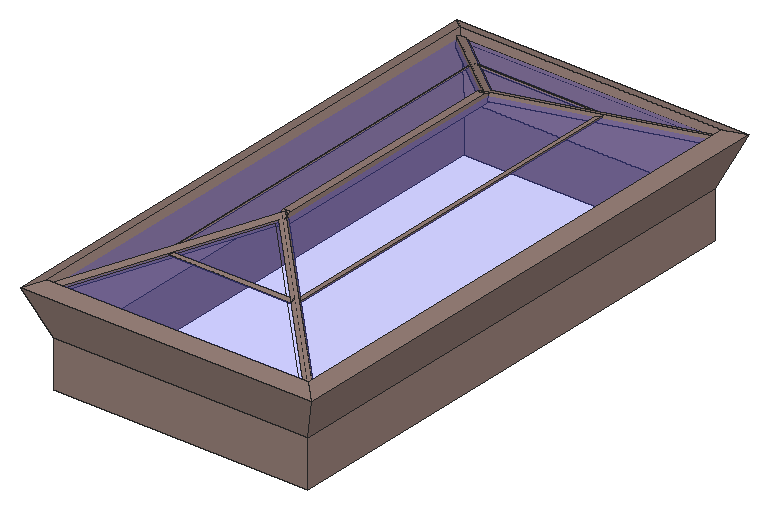
Revit family "M_Claraboia-pirâmide", category Janelas, Revit 2019
Family settings
  Hospedeiro = Telhado
  Número OmniClass = 23.30.30.17.17
  Título OmniClass = Pyramidal Metal-Framed Skylights
  Sempre na vertical = Não
  Corte com vazios quando carregada = Não
  Compartilhado = Não
  Ponto de cálculo do ambiente = Não
Parameters (values of type "450 x 900mm")
  Comprimento 7 = if(Ângulo < 50.00°, Altura + 2 * Comprimento 1 - (Altura do ângulo - Altura 1) / tan(Ângulo) - 69.85 mm, Altura + 2 * Comprimento 1 - (Altura do ângulo - Altura 1) / tan(Ângulo) - 76.2 mm + 6.35 mm)  # 672.355 mm
  Comprimento 6 = if(Ângulo < 50.00°, 0.5 * (Largura + Comprimento 1 - Comprimento 4) - 6.35 mm, if(Ângulo < 60.00°, 0.5 * (Largura + Comprimento 1 - Comprimento 4) + 6.35 mm, 0.5 * (Largura + Comprimento 1 - Comprimento 4) + 12.7 mm))  # 219.675 mm
  Comprimento 5 = 0.5 * (Altura do ângulo - Altura 1) / sin(Ângulo)  # 121.012 mm
  Comprimento 4 = cos(Ângulo) * 28.575 mm + sin(Ângulo) * 12.7 mm  # 31.252 mm
  Comprimento 3 = (Altura do ângulo - Altura 1) / tan(Ângulo)  # 224.4 mm
  Comprimento 2 = tan(Ângulo / 2) * 28.575 mm  # 5.554 mm
  Comprimento 1 = sin(Ângulo) * 88.9 mm  # 33.303 mm
  Altura 1 = cos(Ângulo) * 88.9 mm  # 82.427 mm
  Classificação de incêndio = "0.5h"
  Código de montagem = "B2020100"
  Altura do ângulo = 76.2 mm / cos(Ângulo) + tan(Ângulo) * Largura / 2  # 173.09 mm
  Largura = 450 mm
  Visual Light Transmittance = 0.9
  Resistência térmica (R) = 0.174331 (m²·K)/W
  Solar Heat Gain Coefficient = 0.86
  Largura bruta = Largura + 15 mm  # 465 mm
  Altura bruta = Altura + 15 mm  # 915 mm
  Altura = 900 mm
  Coeficiente de transferência de calor (U) = 5.73618 W/(m²·K)
  Material do painel de vidro = Vidro
  Material da moldura = Metal - Bronze, Escovado leve
  Ângulo = 22.00°
  Construção analítica = "Janelas de vidraça única – residencial"
Types (3, lengths in mm): name | Comprimento 7 | Comprimento 6 | Comprimento 5 | Comprimento 3 | Altura do ângulo | Largura | Largura bruta | Altura bruta | Altura
  (no name) | 672.355 | 219.675 | 121.012 | 224.4 | 173.09 | 450 | 465 | 915 | 900
  450 x 900mm | 672.355 | 219.675 | 121.012 | 224.4 | 173.09 | 450 | 465 | 915 | 900
  600 x 1500mm | 1197.355 | 294.675 | 161.457 | 299.4 | 203.392 | 600 | 615 | 1515 | 1500
Reference planes
  plane 1 "Centro (Frente/Trás)": y = 0
  plane 2 "Telhado": z = 3657.6
  plane 3 "Centro (Esquerda/Direita)": x = 0
  plane 4: x = -225
  plane 5: x = 225
  plane 6 "A": y = 450
  plane 7 "B": y = -450
  plane 8 "1": y = 386.5
  plane 9 "2": y = -386.5
  plane 10: x = -161.5
  plane 11: x = 161.5
  plane 12: z = 3890.15
  plane 13: z = 3972.577
  plane 14: y = 421.425
  plane 15: x = -199.6
  plane 16: x = 199.6
  plane 17: x = 0
  plane 18: z = 4063.24
  plane 19: y = -421.425
  plane 20: y = 483.303
  plane 21: z = 3895.704
  plane 22: y = -483.303
  plane 23: y = 258.902
  plane 24: y = -258.902
  plane 25: y = 466.651
  plane 26: y = -466.651
  plane 27: x = 288.5
  plane 28: x = -288.5
  plane 29: y = 452.051
  plane 30: y = -452.051
  plane 31: x = 352
  plane 32: x = -352
  plane 33: x = -6.35
  plane 34: x = 6.35
  plane 35: z = 4050.54
  plane 36 "a": z = 4017.908
  plane 37: y = 233.502
  plane 38: y = -233.502
Forms (mm)
  Sweep 1, solid, material "Metal - Bronze, Escovado leve" <- "Material da moldura"
    path origin (0, 0, 3657.6) x (1, 0, 0) y (0, 1, 0)
      loop
        line (-225, 450) -> (-225, -450) -> (225, -450) -> (225, 450) -> (-225, 450)
    profile origin (0, 450, 3657.6) x (0, 1, 0) y (0, 0, 1)
      loop
        line (0, 150) -> (0, 232.55) -> (33.303, 314.977) -> (6.808, 325.681) -> (-28.575, 238.104) -> (-28.575, 150) -> (0, 150)
  Extrusion 2, solid, material "Vidro" <- "Material do painel de vidro"
    sketch origin (0, 0, 0) x (1, 0, 0) y (0, 0, 1)
      loop
        line (0, 4063.24) -> (-227.051, 3971.506) -> (-224.969, 3966.354) -> (0, 4057.248) -> (224.969, 3966.354) -> (227.051, 3971.506) -> (0, 4063.24)
    from -452.051 to 452.051
  Extrusion 3, void
    sketch origin (0, 483.303, 3972.577) x (0, 0.927184, -0.374607) y (1, 0, 0)
      loop
        line (0, 352) -> (-385.588, 352) -> (-385.588, -352) -> (0, -352) -> (0, 352)
    from -84.062 to 12.7
  Extrusion 4, void
    sketch origin (0, -483.303, 3972.577) x (0, -0.927184, -0.374607) y (1, 0, 0)
      loop
        line (0, -352) -> (0, 352) -> (-385.588, 352) -> (-385.588, -352) -> (0, -352)
    from -12.7 to 84.062
  Extrusion 5, solid, material "Vidro" <- "Material do painel de vidro"
    sketch origin (0, 466.651, 3965.607) x (0, -0.927184, 0.374607) y (1, 0, 0)
      loop
        line (15.747, 227.051) -> (15.747, -227.051) -> (260.629, 0) -> (15.747, 227.051)
    from 0 to -5.556
  Extrusion 6, solid, material "Vidro" <- "Material do painel de vidro"
    sketch origin (0, -225, 4063.24) x (0, -0.927184, -0.374607) y (1, 0, 0)
      loop
        line (244.882, -227.051) -> (244.882, 227.051) -> (0, 0) -> (244.882, -227.051)
    from 0 to -5.556
  Sweep 7, solid, material "Metal - Bronze, Escovado leve" <- "Material da moldura"
    path origin (0, 466.651, 3965.607) x (0, -0.927184, 0.374607) y (1, 0, 0)
      loop
        line (15.747, -227.051) -> (260.629, 0) -> (15.747, 227.051)
    profile origin (113.525, 338.525, 4017.373) x (-0.733301, 0.630396, -0.254697) y (0, 0.374607, 0.927184)
      loop
        line (-6.35, 2.021) -> (-6.35, -10.679) -> (6.35, -10.679) -> (6.35, 2.021) -> (-6.35, 2.021)
  Sweep 8, solid, material "Metal - Bronze, Escovado leve" <- "Material da moldura"
    path origin (0, -225, 4063.24) x (0, -0.927184, -0.374607) y (1, 0, 0)
      loop
        line (244.882, 227.051) -> (0, 0) -> (244.882, -227.051)
    profile origin (-113.525, -338.525, 4017.373) x (0.733301, -0.630396, -0.254697) y (0, -0.374607, 0.927184)
      loop
        line (-6.35, 2.179) -> (-6.35, -8.14) -> (6.35, -8.14) -> (6.35, 2.179) -> (-6.35, 2.179)
  Extrusion 9, solid, material "Metal - Bronze, Escovado leve" <- "Material da moldura"
    sketch origin (0, 0, 0) x (1, 0, 0) y (0, 0, 1)
      loop
        line (-6.35, 4050.54) -> (6.35, 4050.54) -> (6.35, 4067.474) -> (-6.35, 4067.474) -> (-6.35, 4050.54)
    from -233.502 to 233.502
Cuts and joins
  Extrusion 3, Extrusion 4 cuts Extrusion 2
  Extrusion 3, Extrusion 4 cuts Extrusion 9
Lines and regions (mm)
  Opening 1
    outline origin (0, 0, 3807.6) x (0, 1, 0) y (-1, 0, 0)
      loop
        line (386.5, 161.5) -> (-386.5, 161.5) -> (-386.5, -161.5) -> (386.5, -161.5) -> (386.5, 161.5)
  reference lines
    curve 1: line (0, 450, 3890.15) -> (0, 483.303, 3972.577)
    curve 2: line (0, 483.303, 3972.577) -> (0, 258.902, 4063.24)
    curve 3: line (0, 421.425, 3895.704) -> (0, 456.808, 3983.281)
    curve 4: line (0, -483.303, 3972.577) -> (0, -258.902, 4063.24)
    curve 5: line (0, 483.303, 4063.24) -> (0, 258.902, 4153.904)
    curve 6: line (0, -483.303, 4063.24) -> (0, -258.902, 4153.904)
    curve 7: line (0, -483.303, 3972.577) -> (0, -450, 3890.15)
    curve 8: line (0, 466.651, 3965.607) -> (0, 225, 4063.24)
    curve 9: line (0, -456.808, 3983.281) -> (0, -421.425, 3895.704)
    curve 10: line (0, -225, 4063.24) -> (0, -466.651, 3965.607)
    curve 11: line (0, 483.303, 3972.577) -> (0, 258.902, 4063.24)
Dimensions and locks
  equal spacing: host sketch curve, plane 3 "Centro (Esquerda/Direita)", host sketch curve
  equal spacing: host sketch curve, plane 1 "Centro (Frente/Trás)", host sketch curve
  equal spacing: plane 6 "A", plane 1 "Centro (Frente/Trás)", plane 7 "B"
  equal spacing: plane 4, plane 3 "Centro (Esquerda/Direita)", plane 5
  "Largura": plane 4 to plane 5
  "Altura": plane 6 "A" to plane 7 "B"
  locked: plane 6 "A" to plane 8 "1" at 63.5
  locked: plane 9 "2" to plane 7 "B" at 63.5
  locked: plane 4 to plane 10 at 63.5
  locked: plane 11 to plane 5 at 63.5
  locked: host roof to plane 12 at 82.55
  locked: plane 4 to plane 15 at 25.4
  locked: plane 16 to plane 5 at 25.4
  locked: plane 6 "A" to plane 14 at 28.575
  "Altura 1": plane 13 to plane 12
  plane 6 "A" to plane 7 "B" = 900 mm
  locked: plane 19 to plane 7 "B" at 28.575
  curve 3 to curve 1 = 28.575 mm
  "Comprimento 1": plane 20 to plane 6 "A"
  "Comprimento 2": plane 21 to plane 12
  "Comprimento 1": plane 7 "B" to plane 22
  "Comprimento 3": plane 24 to plane 22
  "Comprimento 3": plane 20 to plane 23
  "Altura do ângulo": plane 12 to plane 18
  Sweep 1 to Extrusion 2 sketch curve to Extrusion 2 sketch curve = 12.7 mm locked, 5.556 mm locked  (x2)
  equal spacing: plane 20, plane 25, plane 6 "A"
  equal spacing: plane 7 "B", plane 26, plane 22
  locked: cut or joined group of Extrusion 2, Extrusion 3, Extrusion 4 to curve 2 at 12.7
  locked: curve 8 to curve 2 at 12.7
  locked: curve 9 to curve 7 at 28.575
  locked: curve 4 to curve 10 at 12.7
  "Comprimento 4": plane 20 to plane 29
  "Comprimento 4": plane 30 to plane 22
  equal spacing: plane 11, plane 5, plane 27, plane 31
  equal spacing: plane 10, plane 4, plane 28, plane 32
  equal spacing: plane 34, curve 6, plane 33
  locked: plane 34 to plane 33 at 12.7
  locked: plane 18 to plane 35 at 12.7
  equal spacing: plane 18, plane 36 "a", plane 13
  "Comprimento 5": Extrusion 6 to nested 1
  "Comprimento 5": Sweep 1 to nested 2
  "Comprimento 5": nested 3 to Sweep 1
  "Comprimento 5": nested 4 to Sweep 1
  locked: Sweep 7 sketch curve to profile plane at 6.35
  locked: profile plane to Sweep 7 sketch curve at 6.35
  locked: profile plane to Sweep 8 sketch curve at 6.35
  locked: Sweep 8 sketch curve to profile plane at 6.35
  locked: plane 37 to plane 23 at 25.4
  locked: plane 24 to plane 38 at 25.4
  Extrusion 9 sketch curve to plane 18 = 4.233 mm
  profile plane to Sweep 8 sketch curve = 2.179 mm
  "Ângulo": angle plane 20 to curve 1
  "Ângulo": angle plane 13 to curve 2
  "Ângulo": angle curve 4 to plane 13
  "Ângulo": angle plane 18 to curve 5
  "Ângulo": angle curve 6 to plane 18
  aligned and locked: plane 2 "Telhado" to level
  aligned and locked: Opening 1 sketch curve to plane 8 "1"
  aligned and locked: plane 10 to Opening 1 sketch curve
  aligned and locked: plane 9 "2" to Opening 1 sketch curve
  aligned and locked: Opening 1 sketch curve to plane 11
  aligned and locked: Sweep 1 sketch curve to plane 6 "A"  (x2)
  aligned and locked: plane 4 to Sweep 1 sketch curve
  aligned and locked: plane 7 "B" to Sweep 1 sketch curve
  aligned and locked: Sweep 1 sketch curve to plane 5
  aligned and locked: host roof to Sweep 1 sketch curve
  aligned and locked: Sweep 1 sketch curve to plane 14
  aligned and locked: plane 12 to curve 1
  aligned and locked: plane 20 to curve 1
  aligned and locked: plane 21 to curve 3
  aligned and locked: plane 14 to curve 3
  aligned and locked: Sweep 1 sketch curve to curve 1
  aligned and locked: Sweep 1 sketch curve to curve 2
  aligned and locked: Sweep 1 sketch curve to curve 3
  aligned and locked: plane 13 to curve 4
  aligned and locked: plane 23 to curve 2
  aligned and locked: plane 18 to curve 2
  aligned and locked: plane 18 to curve 4
  aligned and locked: plane 24 to curve 4
  aligned and locked: Extrusion 2 sketch curve to Sweep 1
  aligned and locked: Sweep 1 to Extrusion 2 sketch curve
  aligned and locked: plane 18 to curve 5
  aligned and locked: plane 20 to curve 5
  aligned and locked: plane 23 to curve 5
  aligned and locked: Extrusion 3 to curve 5
  aligned and locked: plane 18 to curve 6
  aligned and locked: plane 22 to curve 6
  aligned and locked: plane 24 to curve 6
  aligned and locked: plane 12 to curve 7
  aligned and locked: plane 7 "B" to curve 7
  aligned and locked: Extrusion 4 to curve 6
  aligned and locked: Extrusion 4 to curve 4
  aligned and locked: Extrusion 3 to Sweep 1
  aligned and locked: plane 25 to curve 8
  aligned and locked: plane 18 to curve 8
  aligned and locked: Extrusion 5 sketch curve to Sweep 1
  aligned and locked: plane 21 to curve 9
  aligned and locked: plane 19 to curve 9
  aligned and locked: plane 26 to curve 10
  aligned and locked: plane 18 to curve 10
  aligned and locked: Extrusion 6 sketch curve to cut or joined group of Extrusion 2, Extrusion 3, Extrusion 4  (x2)
  aligned and locked: Extrusion 6 sketch curve to Sweep 1
  aligned and locked: Extrusion 2 to plane 30
  aligned and locked: cut or joined group of Extrusion 2, Extrusion 3, Extrusion 4 to plane 29
  aligned and locked: Extrusion 5 sketch curve to cut or joined group of Extrusion 2, Extrusion 3, Extrusion 4  (x2)
  aligned and locked: Extrusion 3 sketch curve to plane 32
  aligned and locked: Extrusion 3 sketch curve to plane 31
  aligned and locked: Extrusion 4 sketch curve to plane 31
  aligned and locked: Extrusion 4 sketch curve to plane 32
  aligned and locked: Sweep 7 sketch curve to Extrusion 5
  aligned and locked: Extrusion 5 to Sweep 7 sketch curve  (x2)
  aligned and locked: Sweep 8 sketch curve to Extrusion 6
  aligned and locked: Extrusion 6 to Sweep 8 sketch curve
  aligned and locked: Extrusion 9 sketch curve to plane 33
  aligned and locked: plane 35 to Extrusion 9 sketch curve
  aligned and locked: plane 34 to Extrusion 9 sketch curve
  aligned and locked: Sweep 8 sketch curve to Sweep 1
  aligned and locked: cut or joined group of Extrusion 2, Extrusion 3, Extrusion 4 to Sweep 8 sketch curve
  aligned and locked: Sweep 7 sketch curve to Sweep 1
  aligned and locked: curve 11 to curve 2
  aligned and locked: curve 4 to nested 1
  aligned and locked: plane 3 "Centro (Esquerda/Direita)" to nested 1
  aligned and locked: plane 1 "Centro (Frente/Trás)" to nested 2
  aligned and locked: nested 3 to plane 1 "Centro (Frente/Trás)"
  aligned and locked: curve 11 to nested 4
  aligned and locked: plane 38 to Extrusion 9
  aligned and locked: Extrusion 9 to plane 37
Automatic sketch dimensions
  Extrusion 4 sketch curve to curve 4 = 143.564 mm
  Extrusion 4 sketch curve to curve 4 = 0 mm
  curve 2 to Extrusion 3 sketch curve = 0 mm
  Extrusion 3 sketch curve to curve 2 = 143.564 mm
  plane 18 to curve 11 = 0 mm
  curve 11 to plane 13 = 0 mm
  profile plane to Sweep 7 sketch curve = 2.021 mm
  Sweep 7 sketch curve to profile plane = 10.679 mm
  Sweep 8 sketch curve to profile plane = 8.14 mm
Nested families
  nested 1: "M_Moldura" at (0, -339.851, 4016.838) x (1, 0, 0) z (0, -0.3746, 0.9272), Comprimento <- "Comprimento 6", type "M_Moldura"
    with Largura 3.175 mm, Comprimento 219.675 mm, Altura 6.35 mm
  nested 2: "M_Moldura" at (-114.851, 0, 4016.838) x (0, -1, 0) z (-0.3746, 0, 0.9272), Comprimento <- "Comprimento 7", type "M_Moldura"
    with Largura 1.587 mm, Comprimento 672.355 mm, Altura 6.35 mm
  nested 3: "M_Moldura" at (114.851, 0, 4016.838) x (0, 1, 0) z (0.3746, 0, 0.9272), Comprimento <- "Comprimento 7", type "M_Moldura"
    with Largura 3.175 mm, Comprimento 672.355 mm, Altura 6.35 mm
  nested 4: "M_Moldura" at (0, 339.851, 4016.838) x (-1, 0, 0) z (0, 0.3746, 0.9272), Comprimento <- "Comprimento 6", type "M_Moldura"
    with Largura 3.175 mm, Comprimento 219.675 mm, Altura 6.35 mm
Definition of nested family "M_Moldura"
  Parameters (values of type "M_Moldura")
    Comprimento [instance] = 100 mm
    Largura [instance] = 3 mm
    Altura [instance] = 6 mm
    Material da moldura = none
    Default Elevation = 1200 mm
  Reference planes
    plane 1 "Centro (Frente/Trás)": y = 0
    plane 2: z = 0
    plane 3 "Centro (Esquerda/Direita)": x = 0
    plane 4: y = 3
    plane 5: y = -3
    plane 6: x = -50
    plane 7: x = 50
    plane 8: z = 1.5
    plane 9: z = -1.5
  Forms (mm)
    Extrusion 1, solid
      sketch origin (0, 0, 0) x (1, 0, 0) y (0, 1, 0)
        loop
          line (-1219.2, 1219.2) -> (-1219.2, -1219.2) -> (1219.2, -1219.2) -> (1219.2, 1219.2) -> (-1219.2, 1219.2)
      from 0 to -304.8
    Extrusion 2, solid, material <- "Material da moldura"
      sketch origin (0, 0, 0) x (1, 0, 0) y (0, 1, 0)
        loop
          line (-50, 3) -> (-50, -3) -> (50, -3) -> (50, 3) -> (-50, 3)
      from -1.5 to 1.5
  Dimensions and locks
    equal spacing: plane 4, plane 1 "Centro (Frente/Trás)", plane 5
    "Altura": plane 4 to plane 5
    equal spacing: plane 6, plane 3 "Centro (Esquerda/Direita)", plane 7
    "Comprimento": plane 6 to plane 7
    equal spacing: plane 8, plane 2, plane 9
    "Largura": plane 8 to plane 9
    aligned and locked: plane 2 to Extrusion 1
    aligned and locked: level to Extrusion 1
    aligned and locked: Extrusion 2 to plane 6
    aligned and locked: plane 4 to Extrusion 2
    aligned and locked: Extrusion 2 to plane 5
    aligned and locked: plane 7 to Extrusion 2
    aligned and locked: plane 8 to Extrusion 2
    aligned and locked: Extrusion 2 to plane 9
  Automatic sketch dimensions
    Extrusion 1 sketch curve to Extrusion 1 sketch curve = 2438.4 mm  (x2)
    plane 1 "Centro (Frente/Trás)" to Extrusion 2 sketch curve = 3 mm
    plane 6 to Extrusion 2 sketch curve = 0 mm
    plane 7 to Extrusion 2 sketch curve = 0 mm
    Extrusion 2 sketch curve to plane 4 = 0 mm
